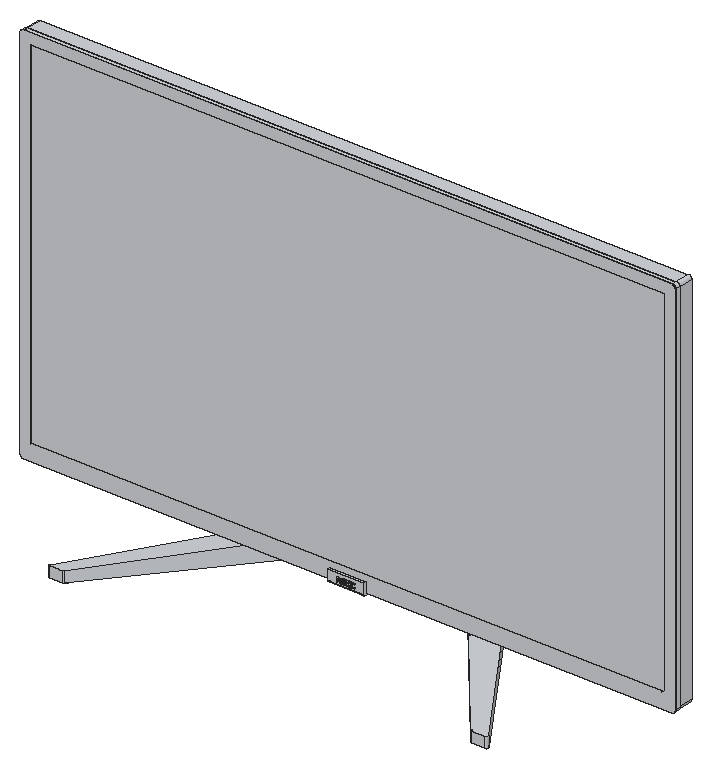
Revit family "M321", category Generic Models, Revit 2018
Family settings
  Can host rebar = No
  Round Connector Dimension = Use Diameter
  Part Type = Normal
  Work Plane-Based = No
  Always vertical = Yes
  Cut with Voids When Loaded = No
  Shared = No
  Room Calculation Point = No
Parameters (values of type "with Stand")
  URL = "https://www.sharpnecdisplays.us/"
  Type Image = M321.png
  Stand Yes = yes
  Stand No = not(Stand Yes)  # no
  SENSORS- Temperature Sensor = "Integrated and programmable"  # constant formula
  SENSORS- NFC Sensor = "N/A"  # constant formula
  SENSORS- Human Sensor = "Optional (KT-RC3)"  # constant formula
  SENSORS- Ambient Light Sensor = "Optional (KT-RC3)"  # constant formula
  POWER CONSUMPTION- Speaker Rating = "Integrated 5W x 5W"  # constant formula
  POWER CONSUMPTION- On (Typ/Max Bightness/Overall Max) = "40W/50W/75W"  # constant formula
  POWER CONSUMPTION- Normal Standby = "<0.5W"  # constant formula
  POWER CONSUMPTION- Network Standby = "2W"  # constant formula
  POWER CONSUMPTION- Current Rating = "0.8A - 0.3A @ 100V - 240V"  # constant formula
  PHYSICAL SPECS- Vesa Hole Configuration = "100mm x 100mm (4 x M4 x 14mm), 200 x 200 (4 x M4 x 10mm, off-center)"  # constant formula
  PHYSICAL SPECS- Net Weight (w/o Stand) = "6.3kg / 13.9lbs."  # constant formula
  PHYSICAL SPECS- Net Dimensions (w/o Stand, WxHxD) = "28.6 x 16.8 x 2.6 in (726.5 x 425.4 x 66.5mm)"  # constant formula
  PHYSICAL SPECS- Bezel Width (L/R, T/B) = "11.9mm/11.9mm/11.8mm/17.2mm"  # constant formula
  Model = "NEC MultiSync® M321"  # constant formula
  Manufacturer = "NEC Display Solutions"
  LCD MODULE- Contrast Ratio (Typical) = "1100:1"  # constant formula
  LCD MODULE- Viewing Angle = "178° Vert., 178° Hor. (89U/89D/89L/89R) @ CR>10"  # constant formula
  LCD MODULE- Viewable Image Size = "32 in."  # constant formula
  LCD MODULE- Panel Technology = "IPS"  # constant formula
  LCD MODULE- Orientation = "Landscape and Portrait (CCW Rotation)"  # constant formula
  LCD MODULE- Panel Haze (%) = "28"  # constant formula
  LCD MODULE- Native Resolution = "1920 x 1080"  # constant formula
  LCD MODULE- Displayable Colors = "Over 16.7 Million (8bit)"  # constant formula
  LCD MODULE- Color Gamut = "68% NTSC (TBD)"  # constant formula
  LCD MODULE- Brightness (Typiical) = "450 cd/m2"  # constant formula
  LCD MODULE- Aspect Ratio = "16:9"  # constant formula
  ENVIRONMENTAL CONDITIONS- Operating Temperature = "0 to 40C"  # constant formula
  ENVIRONMENTAL CONDITIONS- Operating Humidity = "20-80%"  # constant formula
  ENVIRONMENTAL CONDITIONS- Operating Altitude = "3000m (9843ft)"  # constant formula
  Description = "32 in. Professional Grade Large Format Display"  # constant formula
  CONNECTIVITY- Output Terminals- External Control = "N/A"  # constant formula
  CONNECTIVITY- Output Terminals- Digital = "N/A"  # constant formula
  CONNECTIVITY- Output Terminals- Audio = "3.5mm Mini Jack"  # constant formula
  CONNECTIVITY- Input Terminals- External Control = "LAN (100Mbit), 3.5mm Mini Jack IR Remote, RS-232C"  # constant formula
  CONNECTIVITY- Input Terminals- Digital = "HDMI 2.0 x2, DP 1.2 x1"  # constant formula
  CONNECTIVITY- Input Terminals- Data = "USB 2.0 (Media Player, 5V/2A)"  # constant formula
  CONNECTIVITY- Input Terminals- Audio = "N/A"  # constant formula
  CONNECTIVITY- Input Terminals- Analog = "N/A"  # constant formula
Types (3): name | Stand Yes | Stand No
  (no name) | yes | no
  with Stand | yes | no
  no Stand | no | yes
Reference planes (in)
  plane 1 "Center (Front/Back)": y = 0
  plane 2: z = 0
  plane 3 "Center (Left/Right)": x = 0
Forms (in)
  Extrusion 1, solid, detail levels fine
    sketch origin (-0.00774, 0.59069, 1.13028) x (1, 0, 0) y (0, 0, 1)
      loop
        line (-0.39216, 0.07876) -> (-0.35461, 0.07876) -> (-0.35461, 0.21839) -> (-0.24704, 0.09842)
        arc (-0.24704, 0.09842) -> (-0.22713, 0.0839) -> (-0.20302, 0.07876) r 0.05913
        line (-0.20302, 0.07876) -> (-0.14069, 0.07876) -> (-0.14069, 0.27559) -> (-0.17842, 0.27559) -> (-0.17842, 0.13143) -> (-0.28816, 0.25311)
        arc (-0.28816, 0.25311) -> (-0.31104, 0.26972) -> (-0.3387, 0.27559) r 0.06806
        line (-0.3387, 0.27559) -> (-0.39216, 0.27559) -> (-0.39216, 0.07876)
      loop
        line (-0.10727, 0.27559) -> (-0.10727, 0.1298)
        arc (-0.10727, 0.1298) -> (-0.09159, 0.09193) -> (-0.05372, 0.07625) r 0.05356
        line (-0.05372, 0.07625) -> (0.12792, 0.07625) -> (0.12792, 0.10818) -> (-0.00385, 0.10818)
        arc (-0.00385, 0.10818) -> (-0.01894, 0.11444) -> (-0.0252, 0.12953) r 0.02135
        line (-0.0252, 0.12953) -> (-0.0252, 0.16438) -> (0.11175, 0.16438) -> (0.11175, 0.19747) -> (-0.0252, 0.19747) -> (-0.0252, 0.24251) -> (0.12513, 0.24251) -> (0.12513, 0.27559) -> (-0.10727, 0.27559)
      loop
        arc (0.39227, 0.27559) -> (0.31235, 0.28347) -> (0.23243, 0.27559) r 0.40937
        arc (0.23243, 0.27559) -> (0.2105, 0.26929) -> (0.18992, 0.25945) r 0.13728
        arc (0.18992, 0.25945) -> (0.14228, 0.16667) -> (0.20623, 0.08429) r 0.09705
        arc (0.20623, 0.08429) -> (0.2215, 0.07991) -> (0.23721, 0.07749) r 0.12503
        arc (0.23721, 0.07749) -> (0.31614, 0.07228) -> (0.39508, 0.07749) r 0.60099
        line (0.39508, 0.07749) -> (0.39508, 0.11345)
        arc (0.39508, 0.11345) -> (0.33845, 0.10333) -> (0.28113, 0.10815) r 0.22119
        arc (0.28113, 0.10815) -> (0.22373, 0.17637) -> (0.27514, 0.24921) r 0.07299
        arc (0.27514, 0.24921) -> (0.3344, 0.2562) -> (0.39227, 0.24165) r 0.16495
        line (0.39227, 0.24165) -> (0.39227, 0.27559)
    from 3.29541 to 3.30661
  Extrusion 2, solid
    sketch origin (0, 0, 0) x (1, 0, 0) y (0, 0, 1)
      loop
        line (-14.3009, 17.75661) -> (-14.30091, 1.31032)
        arc (-14.30091, 1.31032) -> (-14.25697, 1.20426) -> (-14.15091, 1.16032) r 0.15
        line (-14.15091, 1.16032) -> (14.15091, 1.16031)
        arc (14.15091, 1.16031) -> (14.25697, 1.20425) -> (14.30091, 1.31032) r 0.15
        line (14.30091, 1.31032) -> (14.30091, 17.75661)
        arc (14.30091, 17.75661) -> (14.25697, 17.86267) -> (14.15091, 17.90661) r 0.15
        line (14.15091, 17.90661) -> (-14.1509, 17.90661)
        arc (-14.1509, 17.90661) -> (-14.25696, 17.86268) -> (-14.3009, 17.75661) r 0.15
      loop
        arc (-13.8324, 1.87685) -> (-13.82087, 1.84901) -> (-13.79303, 1.83748) r 0.03937
        line (-13.79303, 1.83748) -> (13.79303, 1.83748)
        arc (13.79303, 1.83748) -> (13.82087, 1.84901) -> (13.8324, 1.87685) r 0.03937
        line (13.8324, 1.87685) -> (13.8324, 17.39874)
        arc (13.8324, 17.39874) -> (13.82087, 17.42658) -> (13.79303, 17.43811) r 0.03937
        line (13.79303, 17.43811) -> (-13.79303, 17.43811)
        arc (-13.79303, 17.43811) -> (-13.82087, 17.42658) -> (-13.8324, 17.39874) r 0.03937
        line (-13.8324, 17.39874) -> (-13.8324, 1.87685)
    from 2.59843 to 2.61811
  Extrusion 3, solid
    sketch origin (-4.31975, 1.4808, 24.06706) x (0, 0, 1) y (1, 0, 0)
      loop
        arc (-22.88717, -9.81147) -> (-22.84323, -9.91753) -> (-22.73717, -9.96147) r 0.15
        line (-22.73717, -9.96147) -> (-6.33025, -9.96147)
        arc (-6.33025, -9.96147) -> (-6.22418, -9.91753) -> (-6.18025, -9.81147) r 0.15
        line (-6.18025, -9.81147) -> (-6.18025, 18.45097)
        arc (-6.18025, 18.45097) -> (-6.22418, 18.55703) -> (-6.33025, 18.60097) r 0.15
        line (-6.33025, 18.60097) -> (-22.73717, 18.60097)
        arc (-22.73717, 18.60097) -> (-22.84323, 18.55703) -> (-22.88717, 18.45097) r 0.15
        line (-22.88717, 18.45097) -> (-22.88717, -9.81147)
    from -3.88237 to -3.19733
  Extrusion 4, solid
    sketch origin (-4.31975, 1.4808, 24.06706) x (0, 0, 1) y (1, 0, 0)
      loop
        line (-6.16045, -9.83115) -> (-6.16045, 18.47065)
        arc (-6.16045, 18.47065) -> (-6.20439, 18.57672) -> (-6.31045, 18.62065) r 0.15
        line (-6.31045, 18.62065) -> (-22.75675, 18.62065)
        arc (-22.75675, 18.62065) -> (-22.86281, 18.57672) -> (-22.90675, 18.47065) r 0.15
        line (-22.90675, 18.47065) -> (-22.90674, -9.83116)
        arc (-22.90674, -9.83116) -> (-22.8628, -9.93723) -> (-22.75674, -9.98116) r 0.15
        line (-22.75674, -9.98116) -> (-6.31045, -9.98115)
        arc (-6.31045, -9.98115) -> (-6.20438, -9.93722) -> (-6.16045, -9.83115) r 0.15
    from -4.07922 to -3.88237
  Blend 5, solid
    base sketch origin (-4.31975, 1.4808, 24.06706) x (0, 0, 1) y (1, 0, 0)
      loop
        line (-7.21182, 18.0642) -> (-22.10333, 18.0642)
        arc (-22.10333, 18.0642) -> (-22.47102, 17.91189) -> (-22.62333, 17.5442) r 0.52
        line (-22.62333, 17.5442) -> (-22.62333, -8.9047)
        arc (-22.62333, -8.9047) -> (-22.47102, -9.2724) -> (-22.10333, -9.4247) r 0.52
        line (-22.10333, -9.4247) -> (-7.21182, -9.4247)
        arc (-7.21182, -9.4247) -> (-6.84413, -9.2724) -> (-6.69182, -8.9047) r 0.52
        line (-6.69182, -8.9047) -> (-6.69182, 17.5442)
        arc (-6.69182, 17.5442) -> (-6.84413, 17.91189) -> (-7.21182, 18.0642) r 0.52
    top sketch origin (-4.31975, 1.4808, 24.06706) x (0, 0, 1) y (1, 0, 0)
      loop
        line (-7.25992, 17.6642) -> (-22.16724, 17.6642)
        arc (-22.16724, 17.6642) -> (-22.25209, 17.62905) -> (-22.28724, 17.5442) r 0.12
        line (-22.28724, 17.5442) -> (-22.28724, -8.9047)
        arc (-22.28724, -8.9047) -> (-22.25209, -8.98956) -> (-22.16724, -9.0247) r 0.12
        line (-22.16724, -9.0247) -> (-7.25992, -9.0247)
        arc (-7.25992, -9.0247) -> (-7.17507, -8.98956) -> (-7.13992, -8.9047) r 0.12
        line (-7.13992, -8.9047) -> (-7.13992, 17.5442)
        arc (-7.13992, 17.5442) -> (-7.17507, 17.62905) -> (-7.25992, 17.6642) r 0.12
    from -3.19733 to -2.36565
  Blend 6, solid
    base sketch origin (-4.31975, -0.88485, 24.06706) x (0, 0, 1) y (1, 0, 0)
      loop
        line (-7.13992, -8.9047) -> (-7.13992, 17.5442)
        arc (-7.13992, 17.5442) -> (-7.17507, 17.62905) -> (-7.25992, 17.6642) r 0.12
        line (-7.25992, 17.6642) -> (-22.16724, 17.6642)
        arc (-22.16724, 17.6642) -> (-22.25209, 17.62905) -> (-22.28724, 17.5442) r 0.12
        line (-22.28724, 17.5442) -> (-22.28724, -8.9047)
        arc (-22.28724, -8.9047) -> (-22.25209, -8.98956) -> (-22.16724, -9.0247) r 0.12
        line (-22.16724, -9.0247) -> (-7.25992, -9.0247)
        arc (-7.25992, -9.0247) -> (-7.17507, -8.98956) -> (-7.13992, -8.9047) r 0.12
    top sketch origin (-4.31975, -0.88485, 24.06706) x (0, 0, 1) y (1, 0, 0)
      loop
        arc (-9.22002, 16.38042) -> (-9.41626, 16.85419) -> (-9.89002, 17.05042) r 0.67
        line (-9.89002, 17.05042) -> (-20.99575, 17.05042)
        arc (-20.99575, 17.05042) -> (-21.27859, 16.93327) -> (-21.39575, 16.65042) r 0.4
        line (-21.39575, 16.65042) -> (-21.39574, -8.01093)
        arc (-21.39574, -8.01093) -> (-21.27858, -8.29377) -> (-20.99574, -8.41093) r 0.4
        line (-20.99574, -8.41093) -> (-9.89002, -8.41093)
        arc (-9.89002, -8.41093) -> (-9.41626, -8.21469) -> (-9.22002, -7.74093) r 0.67
        line (-9.22002, -7.74093) -> (-9.22002, 16.38042)
    from 0 to 0.88485
  Blend 7, void
    base sketch origin (-4.31975, -0.88485, 24.06706) x (0, 0, -1) y (1, 0, 0)
      loop
        line (22.32647, 11.74353) -> (20.45588, 11.74353) -> (20.45588, 8.19518) -> (22.32647, 8.19518) -> (22.32647, 11.74353)
    top sketch origin (-4.31975, -0.88485, 24.06706) x (0, 0, -1) y (1, 0, 0)
      loop
        arc (19.63288, 7.92964) -> (19.72954, 7.6963) -> (19.96288, 7.59964) r 0.33
        line (19.96288, 7.59964) -> (22.759, 7.59964) -> (22.759, 12.33906) -> (19.96288, 12.33906)
        arc (19.96288, 12.33906) -> (19.72954, 12.24241) -> (19.63288, 12.00906) r 0.33
        line (19.63288, 12.00906) -> (19.63288, 7.92964)
    from 0 to -0.88485
  Extrusion 8, void
    sketch origin (-4.31975, -0.88485, 24.06706) x (0, 0, -1) y (1, 0, 0)
      loop
        line (19.09473, 11.74353) -> (19.09473, 8.19518) -> (21.57631, 8.19518) -> (21.57631, 11.74353) -> (19.09473, 11.74353)
    from -0.88485 to 0
  Blend 9, void
    base sketch origin (-4.31975, -0.88485, 24.06706) x (0, 0, -1) y (1, 0, 0)
      loop
        line (22.90674, 0.61896) -> (18.54747, 0.61896) -> (18.54747, -9.91859) -> (22.90674, -9.91859) -> (22.90674, 0.61896)
    top sketch origin (-4.31975, -0.88485, 24.06706) x (0, 0, -1) y (1, 0, 0)
      loop
        arc (18.37416, 1.31261) -> (17.88626, 1.11052) -> (17.68416, 0.62261) r 0.69
        line (17.68416, 0.62261) -> (17.68416, -9.53181) -> (21.51235, -9.53181) -> (21.51235, -3.12676) -> (22.90674, -3.12676) -> (22.90674, 1.31261) -> (18.37416, 1.31261)
    from 0 to -0.88485
  Extrusion 10, void
    sketch origin (-4.31975, -0.88485, 24.06706) x (0, 0, -1) y (1, 0, 0)
      loop
        line (18.75614, 0.27644) -> (17.4017, 0.27644) -> (17.4017, -5.61726) -> (18.75614, -5.61726) -> (18.75614, 0.27644)
      loop
        line (15.31126, -9.25423) -> (15.31126, -6.0838) -> (11.18528, -6.0838) -> (11.18528, -9.25423) -> (15.31126, -9.25423)
    from 0 to -0.88485
  Blend 11, solid
    base sketch origin (-4.31975, -0.88485, 24.06706) x (0, 0, 1) y (1, 0, 0)
      loop
        arc (-7.3916, 9.11702) -> (-7.61127, 9.64735) -> (-8.1416, 9.86702) r 0.75
        line (-8.1416, 9.86702) -> (-9.20296, 9.86702) -> (-9.20296, -1.22753) -> (-8.1416, -1.22753)
        arc (-8.1416, -1.22753) -> (-7.61127, -1.00786) -> (-7.3916, -0.47753) r 0.75
        line (-7.3916, -0.47753) -> (-7.3916, 9.11702)
    top sketch origin (-4.31975, -0.88485, 24.06706) x (0, 0, 1) y (1, 0, 0)
      loop
        line (-7.97814, -0.19719) -> (-7.97814, 8.82012)
        arc (-7.97814, 8.82012) -> (-8.10581, 9.12834) -> (-8.41404, 9.25601) r 0.4359
        line (-8.41404, 9.25601) -> (-9.22002, 9.25601) -> (-9.22002, -0.63719) -> (-8.41814, -0.63719)
        arc (-8.41814, -0.63719) -> (-8.10701, -0.50831) -> (-7.97814, -0.19719) r 0.44
    from 0 to 0.88485
  Extrusion 12, void
    sketch origin (0, 0, 0) x (0, 1, 0) y (0, 0, 1)
      loop
        line (0.06473, 3.27135) -> (-1.71654, 1.56516) -> (-1.71654, 1.3299) -> (0.34746, 1.3299) -> (0.34746, 3.27135) -> (0.06473, 3.27135)
    from -7.04087 to 7.42378
  Blend 13, void
    base sketch origin (-4.31975, -0.88485, 24.06706) x (0, 0, -1) y (1, 0, 0)
      loop
        line (22.62333, -2.8604) -> (22.62333, -2.72112) -> (22.48405, -2.72112)
        arc (22.48405, -2.72112) -> (22.58253, -2.76192) -> (22.62333, -2.8604) r 0.13928
    top sketch origin (-4.31975, -0.88485, 24.06706) x (0, 0, -1) y (1, 0, 0)
      loop
        line (22.28724, -3.48543) -> (22.28724, -2.72112) -> (21.68741, -2.72112) -> (21.68741, -3.36543) -> (22.16724, -3.36543)
        arc (22.16724, -3.36543) -> (22.25209, -3.40058) -> (22.28724, -3.48543) r 0.12
    from 0.8095 to -0.0205
  Extrusion 14, solid
    sketch origin (-7.04087, 0, 0) x (0, 1, 0) y (0, 0, 1)
      loop
        line (-1.69435, 1.5864) -> (-1.72807, 1.55411) -> (-1.72807, 1.43908) -> (-1.69435, 1.4527) -> (-1.69435, 1.5864)
    from 0 to 14.46465
  Extrusion 15, solid
    sketch origin (0, 0, 0) x (0, 1, 0) y (0, 0, 1)
      loop
        line (-0.88485, 3.9277) -> (-0.88485, 1.82432) -> (-0.15167, 2.55751)
        arc (-0.15167, 2.55751) -> (-0.07163, 2.73296) -> (-0.1262, 2.91792) r 0.27559
        line (-0.1262, 2.91792) -> (-0.88485, 3.9277)
    from -13.34445 to -7.44651
  Extrusion 16, void
    sketch origin (14.15091, 1.4808, 1.16031) x (1, 0, 0) y (0, 1, 0)
      loop
        line (-26.92325, -1.4808) -> (-27.64823, -1.4808) -> (-27.64823, -2.36565) -> (-27.43412, -2.36565) -> (-26.92325, -1.4808)
      loop
        line (-22.39386, -1.4808) -> (-21.88299, -2.36565) -> (-21.46972, -2.36565) -> (-21.46972, -1.4808) -> (-22.39386, -1.4808)
    from 0.48071 to 3.00055
  Extrusion 17, void
    sketch origin (-4.31975, 1.4808, 24.06706) x (0, 0, 1) y (1, 0, 0)
      loop
        arc (-20.06048, 16.34145) -> (-20.24759, 16.26395) -> (-20.32509, 16.07683) r 0.26462
        line (-20.32509, 16.07683) -> (-20.32509, 15.52329)
        arc (-20.32509, 15.52329) -> (-20.24759, 15.33618) -> (-20.06048, 15.25867) r 0.26462
        line (-20.06048, 15.25867) -> (-17.55418, 15.25867)
        arc (-17.55418, 15.25867) -> (-17.36706, 15.33618) -> (-17.28956, 15.52329) r 0.26462
        line (-17.28956, 15.52329) -> (-17.28956, 16.07683)
        arc (-17.28956, 16.07683) -> (-17.36706, 16.26395) -> (-17.55418, 16.34145) r 0.26462
        line (-17.55418, 16.34145) -> (-20.06048, 16.34145)
      loop
        arc (-17.40181, 16.04416) -> (-17.45601, 16.175) -> (-17.58685, 16.2292) r 0.18504
        line (-17.58685, 16.2292) -> (-20.0278, 16.2292)
        arc (-20.0278, 16.2292) -> (-20.15864, 16.175) -> (-20.21284, 16.04416) r 0.18504
        line (-20.21284, 16.04416) -> (-20.21284, 15.55597)
        arc (-20.21284, 15.55597) -> (-20.15864, 15.42512) -> (-20.0278, 15.37093) r 0.18504
        line (-20.0278, 15.37093) -> (-17.58685, 15.37093)
        arc (-17.58685, 15.37093) -> (-17.45601, 15.42512) -> (-17.40181, 15.55597) r 0.18504
        line (-17.40181, 15.55597) -> (-17.40181, 16.04416)
      loop
        line (-17.58685, 16.17938) -> (-20.0278, 16.17938)
        arc (-20.0278, 16.17938) -> (-20.12341, 16.13977) -> (-20.16302, 16.04416) r 0.13522
        line (-20.16302, 16.04416) -> (-20.16302, 15.55597)
        arc (-20.16302, 15.55597) -> (-20.12341, 15.46035) -> (-20.0278, 15.42075) r 0.13522
        line (-20.0278, 15.42075) -> (-17.58685, 15.42075)
        arc (-17.58685, 15.42075) -> (-17.49124, 15.46035) -> (-17.45163, 15.55597) r 0.13522
        line (-17.45163, 15.55597) -> (-17.45163, 16.04416)
        arc (-17.45163, 16.04416) -> (-17.49124, 16.13977) -> (-17.58685, 16.17938) r 0.13522
      loop
        circle (-19.75221, 15.81581) r 0.12306
      loop
        circle (-19.27977, 15.81581) r 0.12306
      loop
        circle (-17.86244, 15.81581) r 0.12306
      loop
        line (-18.49155, 15.98413) -> (-18.65087, 15.98413)
        arc (-18.65087, 15.98413) -> (-18.66713, 15.97739) -> (-18.67387, 15.96113) r 0.023
        line (-18.67387, 15.96113) -> (-18.67387, 15.91842) -> (-18.71638, 15.91842)
        arc (-18.71638, 15.91842) -> (-18.73264, 15.91168) -> (-18.73938, 15.89542) r 0.023
        line (-18.73938, 15.89542) -> (-18.73938, 15.73597)
        arc (-18.73938, 15.73597) -> (-18.73264, 15.71971) -> (-18.71638, 15.71297) r 0.023
        line (-18.71638, 15.71297) -> (-18.49135, 15.71297)
        arc (-18.49135, 15.71297) -> (-18.47508, 15.71971) -> (-18.46835, 15.73597) r 0.023
        line (-18.46835, 15.73597) -> (-18.46835, 15.96092)
        arc (-18.46835, 15.96092) -> (-18.47514, 15.97733) -> (-18.49155, 15.98413) r 0.0232
    from -1.57304 to -1.45674
  Extrusion 18, solid
    sketch origin (-4.31975, 1.4808, 24.06706) x (0, 0, 1) y (1, 0, 0)
      loop
        line (-18.38607, -9.10648) -> (-21.1026, -9.10648) -> (-21.1026, -9.96147) -> (-18.38607, -9.96147) -> (-18.38607, -9.10648)
    from -3.19733 to -2.86269
  Extrusion 19, solid
    sketch origin (14.15091, 1.4808, 1.16031) x (-1, 0, 0) y (0, 1, 0)
      loop
        line (28.56904, -3.01091) -> (28.43212, -3.00613) -> (28.43212, -3.13657) -> (28.64697, -3.12906) -> (28.64697, -3.0897)
        arc (28.64697, -3.0897) -> (28.64359, -3.07274) -> (28.63399, -3.05837) r 0.04431
        line (28.63399, -3.05837) -> (28.59998, -3.02436)
        arc (28.59998, -3.02436) -> (28.58579, -3.0147) -> (28.56904, -3.01091) r 0.04602
    from -3.50503 to -2.81999
  Extrusion 20, solid
    sketch origin (14.15091, 1.4808, 1.16031) x (-1, 0, 0) y (0, 1, 0)
      loop
        line (28.02049, -2.70964) -> (28.01247, -2.86269) -> (28.12398, -2.86269) -> (28.11604, -2.71125)
        arc (28.11604, -2.71125) -> (28.10891, -2.69577) -> (28.09308, -2.68946) r 0.023
        line (28.09308, -2.68946) -> (28.04176, -2.68946)
        arc (28.04176, -2.68946) -> (28.0271, -2.69531) -> (28.02049, -2.70964) r 0.0213
    from -3.35752 to -2.9676
  Extrusion 21, void
    sketch origin (-4.31975, -0.88485, 24.06706) x (0, 0, 1) y (1, 0, 0)
      loop
        line (-19.59807, 8.19518) -> (-19.09473, 8.19518) -> (-19.09473, 11.74353) -> (-19.59807, 11.74353) -> (-19.59807, 8.19518)
    from 0 to -0.15425
  Extrusion 22, void
    sketch origin (7.35236, -0.88485, 4.97233) x (1, 0, 0) y (0, 1, 0)
      loop
        line (-0.65748, 0.24115) -> (-0.65748, 0.59548)
        arc (-0.65748, 0.59548) -> (-0.68054, 0.65116) -> (-0.73622, 0.67422) r 0.07874
        line (-0.73622, 0.67422) -> (-1.52362, 0.67422)
        arc (-1.52362, 0.67422) -> (-1.5793, 0.65116) -> (-1.60236, 0.59548) r 0.07874
        line (-1.60236, 0.59548) -> (-1.60236, 0.24115) -> (-1.40551, 0.0443) -> (-0.85433, 0.0443) -> (-0.65748, 0.24115)
      loop
        line (-0.8937, 0.59351) -> (-0.8937, 0.45572) -> (-0.81496, 0.45572) -> (-0.81496, 0.59351) -> (-0.8937, 0.59351)
      loop
        line (-1.09055, 0.2628) -> (-1.16929, 0.2628) -> (-1.16929, 0.12501) -> (-1.09055, 0.12501) -> (-1.09055, 0.2628)
      loop
        line (-1.36614, 0.59351) -> (-1.44488, 0.59351) -> (-1.44488, 0.45572) -> (-1.36614, 0.45572) -> (-1.36614, 0.59351)
    from -0.02362 to 0.23492
  Extrusion 23, solid, detail levels fine
    sketch origin (7.35236, -0.88485, 4.97233) x (0, 1, 0) y (1, 0, 0)
      loop
        line (0.67422, -1.52362) -> (0.67422, -0.73622)
        arc (0.67422, -0.73622) -> (0.65116, -0.68054) -> (0.59548, -0.65748) r 0.07874
        line (0.59548, -0.65748) -> (0.24115, -0.65748) -> (0.0443, -0.85433) -> (0.0443, -1.40551) -> (0.24115, -1.60236) -> (0.59548, -1.60236)
        arc (0.59548, -1.60236) -> (0.65116, -1.5793) -> (0.67422, -1.52362) r 0.07874
      loop
        line (0.60532, -0.53937) -> (0.1132, -0.53937)
        arc (0.1132, -0.53937) -> (-0.026, -0.59702) -> (-0.08365, -0.73622) r 0.19685
        line (-0.08365, -0.73622) -> (-0.08365, -1.52362)
        arc (-0.08365, -1.52362) -> (-0.026, -1.66281) -> (0.1132, -1.72047) r 0.19685
        line (0.1132, -1.72047) -> (0.60532, -1.72047)
        arc (0.60532, -1.72047) -> (0.74452, -1.66281) -> (0.80217, -1.52362) r 0.19685
        line (0.80217, -1.52362) -> (0.80217, -0.73622)
        arc (0.80217, -0.73622) -> (0.74452, -0.59702) -> (0.60532, -0.53937) r 0.19685
    from 0 to 0.23228
  Extrusion 24, solid, detail levels medium+fine
    sketch origin (7.35236, -0.88485, 4.97233) x (0, 1, 0) y (1, 0, 0)
      loop
        line (0.77546, -0.63718) -> (0.56341, -0.27289)
        arc (0.56341, -0.27289) -> (0.47701, -0.18695) -> (0.35926, -0.15551) r 0.23622
        arc (0.35926, -0.15551) -> (0.24151, -0.18695) -> (0.15511, -0.27289) r 0.23622
        line (0.15511, -0.27289) -> (-0.05694, -0.63718)
        arc (-0.05694, -0.63718) -> (0.01508, -0.56557) -> (0.1132, -0.53937) r 0.19685
        line (0.1132, -0.53937) -> (0.60532, -0.53937)
        arc (0.60532, -0.53937) -> (0.70345, -0.56557) -> (0.77546, -0.63718) r 0.19685
      loop
        arc (0.35924, -0.40157) -> (0.40188, -0.3834) -> (0.41826, -0.34004) r 0.05906
        arc (0.41826, -0.34004) -> (0.40013, -0.29989) -> (0.35926, -0.28346) r 0.05906
        arc (0.35926, -0.28346) -> (0.31591, -0.30241) -> (0.30038, -0.34711) r 0.05906
        arc (0.30038, -0.34711) -> (0.31915, -0.38586) -> (0.35924, -0.40157) r 0.05906
      loop
        arc (0.77546, -1.62266) -> (0.70345, -1.69427) -> (0.60532, -1.72047) r 0.19685
        line (0.60532, -1.72047) -> (0.1132, -1.72047)
        arc (0.1132, -1.72047) -> (0.01508, -1.69427) -> (-0.05694, -1.62266) r 0.19685
        line (-0.05694, -1.62266) -> (0.15511, -1.98694)
        arc (0.15511, -1.98694) -> (0.24151, -2.07289) -> (0.35926, -2.10433) r 0.23622
        arc (0.35926, -2.10433) -> (0.47701, -2.07289) -> (0.56341, -1.98694) r 0.23622
        line (0.56341, -1.98694) -> (0.77546, -1.62266)
      loop
        arc (0.35924, -1.85827) -> (0.31704, -1.87603) -> (0.30022, -1.91861) r 0.05906
        arc (0.30022, -1.91861) -> (0.31796, -1.95953) -> (0.35926, -1.97638) r 0.05906
        arc (0.35926, -1.97638) -> (0.39735, -1.96245) -> (0.41747, -1.92725) r 0.05906
        arc (0.41747, -1.92725) -> (0.40439, -1.87923) -> (0.35924, -1.85827) r 0.05906
    from 0 to 0.12205
  Extrusion 25, solid, detail levels fine
    sketch origin (-4.31975, 1.4808, 24.06706) x (0, 0, 1) y (1, 0, 0)
      loop
        arc (-19.16767, 9.15678) -> (-19.18921, 8.93527) -> (-19.28299, 8.73344) r 0.66152
        arc (-19.28299, 8.73344) -> (-19.28805, 8.71109) -> (-19.27626, 8.69144) r 0.03078
        arc (-19.27626, 8.69144) -> (-19.20367, 8.64336) -> (-19.12554, 8.60494) r 0.68049
        arc (-19.12554, 8.60494) -> (-18.99321, 8.88208) -> (-18.97334, 9.18855) r 0.81152
        arc (-18.97334, 9.18855) -> (-19.05692, 9.19421) -> (-19.14057, 9.18956) r 0.68049
        arc (-19.14057, 9.18956) -> (-19.16069, 9.17861) -> (-19.16767, 9.15678) r 0.03078
    from -2.20324 to -1.80954
  Extrusion 26, solid, detail levels medium+fine
    sketch origin (7.35236, -0.88485, 4.97233) x (0, 1, 0) y (1, 0, 0)
      loop
        line (0.5758, -3.08071) -> (0.5758, -2.41142) -> (0.14272, -2.41142) -> (0.14272, -3.08071) -> (0.5758, -3.08071)
      loop
        arc (0.10335, -2.33268) -> (0.07552, -2.34421) -> (0.06398, -2.37205) r 0.03937
        line (0.06398, -2.37205) -> (0.06398, -3.12008)
        arc (0.06398, -3.12008) -> (0.07552, -3.14792) -> (0.10335, -3.15945) r 0.03937
        line (0.10335, -3.15945) -> (0.61517, -3.15945)
        arc (0.61517, -3.15945) -> (0.643, -3.14792) -> (0.65454, -3.12008) r 0.03937
        line (0.65454, -3.12008) -> (0.65454, -2.37205)
        arc (0.65454, -2.37205) -> (0.643, -2.34421) -> (0.61517, -2.33268) r 0.03937
        line (0.61517, -2.33268) -> (0.10335, -2.33268)
    from 0 to 0.07469
  Extrusion 27, solid, detail levels fine
    sketch origin (-3.70073, -0.88485, 6.66536) x (0, 1, 0) y (1, 0, 0)
      loop
        arc (0.37758, -1.38391) -> (0.35683, -1.3338) -> (0.30672, -1.31305) r 0.07087
        arc (0.30672, -1.31305) -> (0.25661, -1.3338) -> (0.23585, -1.38391) r 0.07087
        arc (0.23585, -1.38391) -> (0.25661, -1.43402) -> (0.30672, -1.45478) r 0.07087
        arc (0.30672, -1.45478) -> (0.35683, -1.43402) -> (0.37758, -1.38391) r 0.07087
      loop
        circle (0.30672, -1.38391) r 0.1063
      loop
        circle (0.4642, -0.75399) r 0.15354
      loop
        arc (0.53506, -0.75399) -> (0.51431, -0.70388) -> (0.4642, -0.68312) r 0.07087
        arc (0.4642, -0.68312) -> (0.41409, -0.70388) -> (0.39333, -0.75399) r 0.07087
        arc (0.39333, -0.75399) -> (0.41409, -0.8041) -> (0.4642, -0.82486) r 0.07087
        arc (0.4642, -0.82486) -> (0.51431, -0.8041) -> (0.53506, -0.75399) r 0.07087
    from 0 to 0.11417
  Extrusion 28, solid, detail levels fine
    sketch origin (-3.70073, -0.88485, 6.66536) x (0, 1, 0) y (1, 0, 0)
      loop
        circle (0.73585, -3.94297) r 0.05906
      loop
        line (0.82935, -3.88898) -> (0.73585, -3.835) -> (0.64235, -3.88898) -> (0.64235, -3.99695) -> (0.73585, -4.05094) -> (0.82935, -3.99695) -> (0.82935, -3.88898)
      loop
        circle (0.73585, -4.88785) r 0.05906
      loop
        line (0.82935, -4.94183) -> (0.82935, -4.83386) -> (0.73585, -4.77988) -> (0.64235, -4.83386) -> (0.64235, -4.94183) -> (0.73585, -4.99582) -> (0.82935, -4.94183)
    from 0 to 0.19685
  Extrusion 29, void
    sketch origin (-4.31975, 0, 24.06706) x (0, 0, -1) y (1, 0, 0)
      loop
        line (14.86269, 6.60237) -> (13.71112, 6.60238) -> (13.71112, 6.2575)
        arc (13.71112, 6.2575) -> (13.73912, 6.12565) -> (13.81827, 6.01655) r 0.32448
        line (13.81827, 6.01655) -> (14.55493, 5.3521) -> (13.71112, 5.3521) -> (13.71112, 5.13134) -> (14.8626, 5.13134) -> (14.86261, 5.51364)
        arc (14.86261, 5.51364) -> (14.83615, 5.63786) -> (14.76138, 5.74052) r 0.30486
        line (14.76138, 5.74052) -> (14.04615, 6.38247) -> (14.86269, 6.38247) -> (14.86269, 6.60237)
      loop
        line (14.58764, 4.93598) -> (13.71112, 4.93598) -> (13.71112, 3.57634) -> (13.87523, 3.57634) -> (13.87523, 4.45547) -> (14.16847, 4.45547) -> (14.16847, 3.65458) -> (14.32838, 3.65458) -> (14.32838, 4.45547) -> (14.53215, 4.45547)
        arc (14.53215, 4.45547) -> (14.64173, 4.41088) -> (14.68904, 4.30244) r 0.15693
        arc (14.68904, 4.30244) -> (14.69413, 3.93106) -> (14.69093, 3.55966) r 16.64472
        line (14.69093, 3.55966) -> (14.86358, 3.55966)
        arc (14.86358, 3.55966) -> (14.87899, 4.11851) -> (14.86208, 4.67731) r 9.67036
        arc (14.86208, 4.67731) -> (14.7762, 4.86112) -> (14.58764, 4.93598) r 0.27493
      loop
        line (13.70213, 2.01471) -> (13.86627, 2.01471)
        arc (13.86627, 2.01471) -> (13.82788, 2.36411) -> (13.86647, 2.7135) r 1.60496
        arc (13.86647, 2.7135) -> (13.91828, 2.82747) -> (14.01154, 2.91098) r 0.3047
        arc (14.01154, 2.91098) -> (14.14439, 2.96497) -> (14.28691, 2.98088) r 0.52343
        arc (14.28691, 2.98088) -> (14.42943, 2.96497) -> (14.56228, 2.91098) r 0.52343
        arc (14.56228, 2.91098) -> (14.65554, 2.82747) -> (14.70734, 2.7135) r 0.3047
        arc (14.70734, 2.7135) -> (14.74594, 2.36411) -> (14.70754, 2.01471) r 1.60496
        line (14.70754, 2.01471) -> (14.87169, 2.01471)
        arc (14.87169, 2.01471) -> (14.89745, 2.52372) -> (14.85046, 3.03121) r 3.57013
        arc (14.85046, 3.03121) -> (14.6963, 3.32756) -> (14.39687, 3.47565) r 0.53759
        arc (14.39687, 3.47565) -> (14.34203, 3.48171) -> (14.28691, 3.48412) r 0.82955
        arc (14.28691, 3.48412) -> (14.23178, 3.48171) -> (14.17694, 3.47565) r 0.82955
        arc (14.17694, 3.47565) -> (13.87751, 3.32756) -> (13.72335, 3.03121) r 0.53759
        arc (13.72335, 3.03121) -> (13.67637, 2.52372) -> (13.70213, 2.01471) r 3.57013
    from 0 to 0.01347
  Extrusion 30, void
    sketch origin (-4.31975, 1.4808, 24.06706) x (0, 0, 1) y (1, 0, 0)
      loop
        arc (-9.64579, 6.28825) -> (-9.66309, 6.33001) -> (-9.70485, 6.3473) r 0.05906
        arc (-9.70485, 6.3473) -> (-9.74661, 6.33001) -> (-9.7639, 6.28825) r 0.05906
        arc (-9.7639, 6.28825) -> (-9.74661, 6.24649) -> (-9.70485, 6.22919) r 0.05906
        arc (-9.70485, 6.22919) -> (-9.66309, 6.24649) -> (-9.64579, 6.28825) r 0.05906
      loop
        circle (-9.70485, 6.28825) r 0.16726
      loop
        circle (-12.46469, 6.28825) r 0.07874
      loop
        circle (-16.4017, 6.28825) r 0.07874
      loop
        arc (-9.64579, 2.35124) -> (-9.66309, 2.393) -> (-9.70485, 2.4103) r 0.05906
        arc (-9.70485, 2.4103) -> (-9.74661, 2.393) -> (-9.7639, 2.35124) r 0.05906
        arc (-9.7639, 2.35124) -> (-9.74661, 2.30949) -> (-9.70485, 2.29219) r 0.05906
        arc (-9.70485, 2.29219) -> (-9.66309, 2.30949) -> (-9.64579, 2.35124) r 0.05906
      loop
        circle (-9.70485, 2.35124) r 0.16726
      loop
        circle (-12.46469, 2.35124) r 0.07874
      loop
        circle (-16.4017, 2.35124) r 0.07874
    from -1.57304 to -1.4808
  Extrusion 31, solid, detail levels fine
    sketch origin (-10.40354, -0.88485, 8.77548) x (0, 0, 1) y (0, 1, 0)
      loop
        circle (0.77964, 0.43861) r 0.03937
      loop
        line (0.83362, 0.53211) -> (0.72565, 0.53211) -> (0.67167, 0.43861) -> (0.72565, 0.3451) -> (0.83362, 0.3451) -> (0.8876, 0.43861) -> (0.83362, 0.53211)
      loop
        circle (1.76389, 0.43861) r 0.03937
      loop
        line (1.81787, 0.53211) -> (1.7099, 0.53211) -> (1.65592, 0.43861) -> (1.7099, 0.3451) -> (1.81787, 0.3451) -> (1.87186, 0.43861) -> (1.81787, 0.53211)
      loop
        circle (2.35444, 0.45495) r 0.03937
      loop
        line (2.40842, 0.54845) -> (2.30045, 0.54845) -> (2.24647, 0.45495) -> (2.30045, 0.36144) -> (2.40842, 0.36144) -> (2.46241, 0.45495) -> (2.40842, 0.54845)
      loop
        circle (3.33869, 0.45495) r 0.03937
      loop
        line (3.39267, 0.54845) -> (3.28471, 0.54845) -> (3.23072, 0.45495) -> (3.28471, 0.36144) -> (3.39267, 0.36144) -> (3.44666, 0.45495) -> (3.39267, 0.54845)
      loop
        line (0.93603, 0.51483) -> (0.96329, 0.36024)
        arc (0.96329, 0.36024) -> (0.99551, 0.30443) -> (1.05607, 0.28238) r 0.09421
        line (1.05607, 0.28238) -> (1.48745, 0.28238)
        arc (1.48745, 0.28238) -> (1.54801, 0.30443) -> (1.58023, 0.36024) r 0.09421
        line (1.58023, 0.36024) -> (1.60749, 0.51483)
        arc (1.60749, 0.51483) -> (1.58671, 0.59239) -> (1.51394, 0.62633) r 0.095
        line (1.51394, 0.62633) -> (1.02959, 0.62633)
        arc (1.02959, 0.62633) -> (0.95681, 0.59239) -> (0.93603, 0.51483) r 0.095
      loop
        circle (1.44192, 0.53231) r 0.0187
      loop
        circle (1.4868, 0.45435) r 0.0187
      loop
        circle (1.44192, 0.3764) r 0.0187
      loop
        circle (1.35192, 0.53231) r 0.0187
      loop
        circle (1.3968, 0.45435) r 0.0187
      loop
        circle (1.35192, 0.3764) r 0.0187
      loop
        circle (1.26192, 0.53231) r 0.0187
      loop
        circle (1.3068, 0.45435) r 0.0187
      loop
        circle (1.26192, 0.3764) r 0.0187
      loop
        circle (1.17192, 0.53231) r 0.0187
      loop
        circle (1.2168, 0.45435) r 0.0187
      loop
        circle (1.17192, 0.3764) r 0.0187
      loop
        circle (1.08192, 0.53231) r 0.0187
      loop
        circle (1.1268, 0.45435) r 0.0187
      loop
        circle (1.08192, 0.3764) r 0.0187
      loop
        circle (3.06467, 0.51085) r 0.01969
      loop
        circle (3.01034, 0.39904) r 0.01969
      loop
        circle (2.95562, 0.51085) r 0.01969
      loop
        circle (2.90129, 0.39904) r 0.01969
      loop
        circle (2.84656, 0.51085) r 0.01969
      loop
        circle (2.79223, 0.39904) r 0.01969
      loop
        circle (2.73751, 0.51085) r 0.01969
      loop
        circle (2.62845, 0.51085) r 0.01969
      loop
        circle (2.68318, 0.39904) r 0.01969
      loop
        arc (2.61743, 0.61951) -> (2.53781, 0.58238) -> (2.51507, 0.49753) r 0.10394
        line (2.51507, 0.49753) -> (2.53645, 0.37627)
        arc (2.53645, 0.37627) -> (2.572, 0.3147) -> (2.63881, 0.29038) r 0.10394
        line (2.63881, 0.29038) -> (3.05432, 0.29038)
        arc (3.05432, 0.29038) -> (3.12113, 0.3147) -> (3.15667, 0.37627) r 0.10394
        line (3.15667, 0.37627) -> (3.17806, 0.49753)
        arc (3.17806, 0.49753) -> (3.15532, 0.58238) -> (3.0757, 0.61951) r 0.10394
        line (3.0757, 0.61951) -> (2.61743, 0.61951)
      loop
        line (3.0757, 0.63526) -> (2.61743, 0.63526)
        arc (2.61743, 0.63526) -> (2.52575, 0.59251) -> (2.49956, 0.49479) r 0.11969
        line (2.49956, 0.49479) -> (2.52095, 0.37353)
        arc (2.52095, 0.37353) -> (2.56188, 0.30263) -> (2.63881, 0.27463) r 0.11969
        line (2.63881, 0.27463) -> (3.05432, 0.27463)
        arc (3.05432, 0.27463) -> (3.13125, 0.30263) -> (3.17218, 0.37353) r 0.11969
        line (3.17218, 0.37353) -> (3.19357, 0.49479)
        arc (3.19357, 0.49479) -> (3.16738, 0.59251) -> (3.0757, 0.63526) r 0.11969
    from 0 to 0.15394
  Blend 32, solid
    base sketch origin (-4.31975, -0.88485, 24.06706) x (0, 0, 1) y (1, 0, 0)
      loop
        arc (-18.56375, -6.47802) -> (-18.6676, -6.21756) -> (-18.92618, -6.10911) r 0.36248
        line (-18.92618, -6.10911) -> (-19.67429, -6.10911)
        arc (-19.67429, -6.10911) -> (-19.93061, -6.21529) -> (-20.03677, -6.47163) r 0.36248
        line (-20.03677, -6.47163) -> (-20.03667, -7.61341)
        arc (-20.03667, -7.61341) -> (-19.93051, -7.86967) -> (-19.67424, -7.97581) r 0.36243
        line (-19.67424, -7.97581) -> (-18.92606, -7.97581)
        arc (-18.92606, -7.97581) -> (-18.66756, -7.86732) -> (-18.56375, -7.6069) r 0.36248
        line (-18.56375, -7.6069) -> (-18.56375, -6.47802)
    top sketch origin (-4.31975, -0.88485, 24.06706) x (0, 0, 1) y (1, 0, 0)
      loop
        arc (-18.67849, -6.46585) -> (-18.75303, -6.29439) -> (-18.92618, -6.22384) r 0.24775
        line (-18.92618, -6.22384) -> (-19.67429, -6.22384)
        arc (-19.67429, -6.22384) -> (-19.84948, -6.29642) -> (-19.92204, -6.47162) r 0.24775
        line (-19.92204, -6.47162) -> (-19.92194, -7.6134)
        arc (-19.92194, -7.6134) -> (-19.84938, -7.78854) -> (-19.67424, -7.86108) r 0.2477
        line (-19.67424, -7.86108) -> (-18.92618, -7.86108)
        arc (-18.92618, -7.86108) -> (-18.74897, -7.78647) -> (-18.67849, -7.60758) r 0.24775
        line (-18.67849, -7.60758) -> (-18.67849, -6.46585)
    from 0 to 0.12895
  Extrusion 33, solid
    sketch origin (0, 0, 0) x (0, 1, 0) y (0, 0, 1)
      loop
        line (-2.70472, 1.59339) -> (-2.70472, 1.10126)
        arc (-2.70472, 1.10126) -> (-2.69896, 1.08734) -> (-2.68504, 1.08158) r 0.01969
        line (-2.68504, 1.08158) -> (-1.64567, 1.08158)
        arc (-1.64567, 1.08158) -> (-1.63175, 1.08734) -> (-1.62598, 1.10126) r 0.01969
        line (-1.62598, 1.10126) -> (-1.62598, 1.3178) -> (-1.70472, 1.3178) -> (-1.70472, 1.18003) -> (-2.35669, 1.18001) -> (-2.38189, 1.16032) -> (-2.62598, 1.16032) -> (-2.62598, 1.59339) -> (-2.70472, 1.59339)
    from -0.7874 to 0.7874
  Extrusion 34, solid, visible <- "Stand No"
    sketch origin (0, 0, 0) x (1, 0, 0) y (0, 1, 0)
      loop
        arc (-4.27165, 1.06299) -> (-4.41084, 1.00534) -> (-4.4685, 0.86614) r 0.19685
        line (-4.4685, 0.86614) -> (-4.4685, 0.19685)
        arc (-4.4685, 0.19685) -> (-4.41084, 0.05766) -> (-4.27165, 0) r 0.19685
        line (-4.27165, 0) -> (-3.60236, 0)
        arc (-3.60236, 0) -> (-3.46316, 0.05766) -> (-3.40551, 0.19685) r 0.19685
        line (-3.40551, 0.19685) -> (-3.40551, 0.86614)
        arc (-3.40551, 0.86614) -> (-3.46316, 1.00534) -> (-3.60236, 1.06299) r 0.19685
        line (-3.60236, 1.06299) -> (-4.27165, 1.06299)
      loop
        line (4.27165, 1.06299) -> (3.60236, 1.06299)
        arc (3.60236, 1.06299) -> (3.46316, 1.00534) -> (3.40551, 0.86614) r 0.19685
        line (3.40551, 0.86614) -> (3.40551, 0.19685)
        arc (3.40551, 0.19685) -> (3.46316, 0.05766) -> (3.60236, 0) r 0.19685
        line (3.60236, 0) -> (4.27165, 0)
        arc (4.27165, 0) -> (4.41084, 0.05766) -> (4.4685, 0.19685) r 0.19685
        line (4.4685, 0.19685) -> (4.4685, 0.86614)
        arc (4.4685, 0.86614) -> (4.41084, 1.00534) -> (4.27165, 1.06299) r 0.19685
    from 3.33858 to 16.13386
  Extrusion 35, solid, visible <- "Stand Yes"
    sketch origin (0, 0, 0) x (1, 0, 0) y (0, 1, 0)
      loop
        line (-4.35041, 0.93614) -> (-4.35041, 0.12685) -> (-3.52362, 0.12685) -> (-3.52362, 0.93614) -> (-4.35041, 0.93614)
      loop
        line (4.3504, 0.93614) -> (3.52363, 0.93614) -> (3.52363, 0.12685) -> (4.3504, 0.12685) -> (4.3504, 0.93614)
    from 6.66536 to 0.08624
  Extrusion 36, solid, visible <- "Stand Yes"
    sketch origin (0, 0, 0) x (1, 0, 0) y (0, 1, 0)
      loop
        line (-3.88893, 1.56126) -> (-8.77238, 3.54433)
        arc (-8.77238, 3.54433) -> (-8.81494, 3.54923) -> (-8.85393, 3.53148) r 0.08002
        line (-8.85393, 3.53148) -> (-9.20957, 3.23296)
        arc (-9.20957, 3.23296) -> (-9.23832, 3.16384) -> (-9.19841, 3.10051) r 0.08133
        line (-9.19841, 3.10051) -> (-4.8398, 0.54531)
        arc (-4.8398, 0.54531) -> (-4.69306, 0.34365) -> (-4.74113, 0.09892) r 0.31176
        line (-4.74113, 0.09892) -> (-9.56132, -6.86423)
        arc (-9.56132, -6.86423) -> (-9.56636, -6.94615) -> (-9.49614, -6.98863) r 0.07928
        line (-9.49614, -6.98863) -> (-8.9188, -6.98863)
        arc (-8.9188, -6.98863) -> (-8.88568, -6.9812) -> (-8.85893, -6.96031) r 0.07742
        line (-8.85893, -6.96031) -> (-3.41098, -0.3178)
        arc (-3.41098, -0.3178) -> (-3.17507, 0.74252) -> (-3.88893, 1.56126) r 1.204
      loop
        arc (3.88893, 1.56126) -> (3.17507, 0.74252) -> (3.41098, -0.3178) r 1.204
        line (3.41098, -0.3178) -> (8.85893, -6.96031)
        arc (8.85893, -6.96031) -> (8.88568, -6.9812) -> (8.9188, -6.98863) r 0.07742
        line (8.9188, -6.98863) -> (9.49614, -6.98863)
        arc (9.49614, -6.98863) -> (9.56636, -6.94615) -> (9.56132, -6.86423) r 0.07928
        line (9.56132, -6.86423) -> (4.74113, 0.09892)
        arc (4.74113, 0.09892) -> (4.69306, 0.34365) -> (4.8398, 0.54531) r 0.31176
        line (4.8398, 0.54531) -> (9.19841, 3.10051)
        arc (9.19841, 3.10051) -> (9.23832, 3.16384) -> (9.20957, 3.23296) r 0.08133
        line (9.20957, 3.23296) -> (8.85393, 3.53148)
        arc (8.85393, 3.53148) -> (8.81494, 3.54923) -> (8.77238, 3.54433) r 0.08002
        line (8.77238, 3.54433) -> (3.88893, 1.56126)
    from 0.05906 to 1.08158
  Extrusion 37, void
    sketch origin (0, 0, 0) x (1, 0, 0) y (0, 0, 1)
      loop
        arc (-4.98135, 0.79047) -> (-4.74603, 0.85428) -> (-4.54113, 0.98644) r 0.79472
        line (-4.54113, 0.98644) -> (-3.07236, 1.06341) -> (-3.07236, 1.14064) -> (-9.93701, 1.14064) -> (-9.93701, 0.47) -> (-4.98135, 0.79047)
    from -3.80105 to 7.41098
  Extrusion 38, void
    sketch origin (0, 0, 0) x (-1, 0, 0) y (0, 0, -1)
      loop
        line (-4.98135, -0.79047) -> (-9.93701, -0.47) -> (-9.93701, -1.14064) -> (-3.07236, -1.14064) -> (-3.07236, -1.06341) -> (-4.54113, -0.98644)
        arc (-4.54113, -0.98644) -> (-4.74603, -0.85428) -> (-4.98135, -0.79047) r 0.79472
    from -3.80105 to 7.41098
  Extrusion 39, solid, visible <- "Stand Yes"
    sketch origin (0, 0, 0) x (1, 0, 0) y (0, 1, 0)
      loop
        arc (-8.7979, 3.42367) -> (-8.9744, 3.15368) -> (-8.69994, 2.98421) r 0.2252
        arc (-8.69994, 2.98421) -> (-8.53479, 3.25168) -> (-8.7979, 3.42367) r 0.2252
      loop
        arc (-9.03814, -6.89843) -> (-8.81386, -6.67378) -> (-9.03703, -6.44804) r 0.2252
        arc (-9.03703, -6.44804) -> (-9.26426, -6.67267) -> (-9.03814, -6.89843) r 0.2252
    from 0.05906 to 0
  Extrusion 40, solid, visible <- "Stand Yes"
    sketch origin (0, 0, 0) x (-1, 0, 0) y (0, -1, 0)
      loop
        arc (-8.7979, -3.42367) -> (-8.53479, -3.25168) -> (-8.69994, -2.98421) r 0.2252
        arc (-8.69994, -2.98421) -> (-8.9744, -3.15368) -> (-8.7979, -3.42367) r 0.2252
      loop
        arc (-9.03814, 6.89843) -> (-9.26426, 6.67267) -> (-9.03703, 6.44804) r 0.2252
        arc (-9.03703, 6.44804) -> (-8.81386, 6.67378) -> (-9.03814, 6.89843) r 0.2252
    from 0.05906 to 0
Cuts and joins
  Blend 7, Blend 9, Blend 13 cuts Extrusion 2
  Blend 7, Extrusion 8, Blend 9, Extrusion 10, Extrusion 12, Blend 13 cuts Extrusion 3
  Blend 7, Extrusion 8, Blend 9, Extrusion 10, Blend 13 cuts Extrusion 4
  Blend 7, Extrusion 8, Blend 9, Extrusion 10, Extrusion 12, Extrusion 17, Extrusion 21, Extrusion 22, Extrusion 29, Extrusion 30 cuts Blend 6
  joined: Blend 6, Blend 11
  Blend 7, Extrusion 8, Blend 9, Extrusion 10, Extrusion 12, Blend 13, Extrusion 16, Extrusion 21, Extrusion 29 cuts Blend 5
  Extrusion 16, Extrusion 21, Extrusion 29 cuts Extrusion 14
  joined: Blend 5, Extrusion 14, Extrusion 18
  Extrusion 16 cuts Extrusion 15
  Extrusion 37, Extrusion 38 cuts Extrusion 36
  joined: Extrusion 35, Extrusion 36
Lines and regions (in)
  model lines
    curve 1: line (0, 0, 3.14995) -> (0, -0.09225, 3.14995)
Dimensions and locks (in)
  aligned and locked: plane 2 to level
  aligned and locked: Blend 6 sketch curve to Blend 5  (x2)
  aligned and locked: Blend 5 to Blend 6 sketch curve
  aligned and locked: Extrusion 8 to Blend 7
